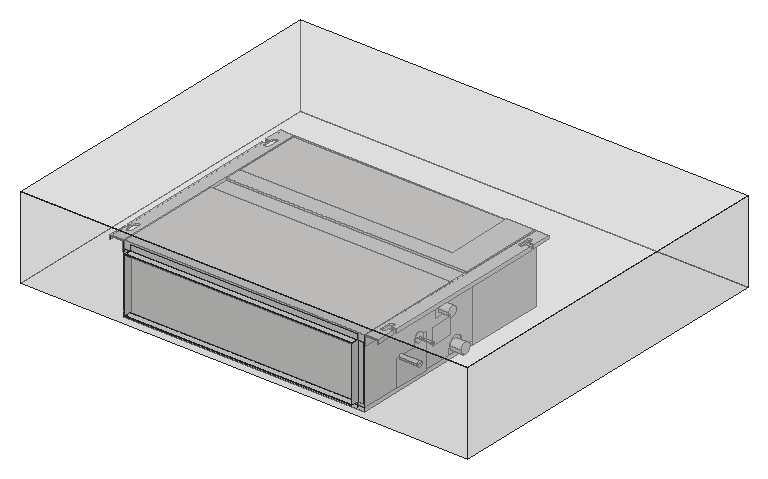
Revit family "outputfile", category 機械設備, Revit 2024
Family settings
  丸型コネクタ寸法 = 半径を使用
  パーツ タイプ = 標準
  OmniClass 番号 = 23.75.10.24.21.27.27
  OmniClass タイトル = Split System Air Conditioning Units
  作業面ベース = いいえ
  常に垂直 = はい
  ロード時にボイドで切り取り = いいえ
  注釈の向きを維持 = いいえ
  共有 = いいえ
  部屋計算ポイント = はい
Parameters (values of type "FXDQ32PDVE4")
  Description = ""
  製造元 = "Daikin"
  書き出し IFC クラス(タイプ) = "IfcUnitaryEquipmentType"
  定義済み IFC タイプ(タイプ) = "AIRCONDITIONINGUNIT"
  Cost = 0
  モデル = "FXDQ32PDVE4"
  Type Comments = ""
  Keynote = ""
  Type Image = (empty or 0)
  Assembly Code = ""
  w_pipe = 33.0 mm
  r_Liquid Pipe Size = Liquid Pipe Size / 2  # 3.2 mm
  r_Gas Pipe Size = Gas Pipe Size / 2  # 6.35 mm
  r_Drain Pipe Size = Drain Pipe Size / 2  # 10.0 mm
  lw_powersupply = 304.0 mm
  lh_suctionflange [instance] = if(Rear Connection_Return Air, 100.0 mm + [h***], 190.0 mm + [h***])  # 100.0 mm
  ld_suctionflange [instance] = if(Rear Connection_Return Air, 190.0 mm, 100.0 mm)  # 190.0 mm
  ld_powersupply = 60.0 mm
  angle_vertical_RA [instance] = if(Rear Connection_Return Air, 90.00°, 0.00°)  # 90.00°
  angle horizontal_RA [instance] = if(Rear Connection_Return Air, 180.00°, 270.00°)  # 180.00°
  Voltage_comment_60Hz = "220"
  Voltage_comment_50Hz = "220-240"
  Voltage_60Hz = 220 V
  Voltage_50Hz = 220 V
  URL = ""
  Supply Air Direction [instance] = yes
  Sound Power Level_H speed (dB) = 54
  Rear Connection_Return Air [instance] = not(Bottom Connection_Return Air)  # yes
  RA_length = 190.0 mm  # constant formula
  Phase_60Hz = 1
  Phase_50Hz = 1
  Minimum External Static Pressure = 10.00 Pa
  Minimum Circuit Amps_60Hz = 0.9 A
  Minimum Circuit Amps_50Hz = 0.8 A
  Maximum Fuse Amps_60Hz = 16.0 A
  Maximum Fuse Amps_50Hz = 16.0 A
  Maximum External Static Pressure = 30.00 Pa
  Material_Casing = DAIKIN_GalvanizedSteel_Casing_indoorunit
  lw_liquidpipe = 46.0 mm  # constant formula
  lw_gaspipe = 57.0 mm  # constant formula
  lw_mountinghole_pitch = 740.0 mm  # constant formula
  lw_mountinghole = 20.0 mm  # constant formula
  lw_drainpipe = 33.0 mm  # constant formula
  lh_powersupply = 10.0 mm
  lh_liquidpipe = 110.0 mm
  lh_gaspipe = 87.0 mm
  lh_mountinghole = Height + [h***]  # 200.0 mm
  lh_drainpipe = 150.0 mm
  lh_dischargeflange = 100.0 mm
  lh_antena = 1.0 mm  # constant formula
  ld_liquidpipe = 193.0 mm  # constant formula
  ld_gaspipe = 130.0 mm  # constant formula
  ld_mountinghole_pitch = 500.0 mm  # constant formula
  ld_drainpipe = 280.0 mm
  ld_controlbox = 626.0 mm  # constant formula
  h*** = 0.0 mm  # constant formula
  d_dischargeflange = 21.2 mm  # constant formula
  Width = 700.0 mm
  Version = "ver.1.0"
  Unit Type = "Slim Duct (Standard) Type"
  Unit Mass Weight = 23.00 kg
  Unit Designation [instance] = ""
  Uniclass2015Version = "Products v1.30"
  Uniclass2015Title = "Variable refrigerant flow units"
  Uniclass2015Code = "Pr_70_65_03_94"
  Total Heating Capacity [instance] = 0.000 kW
  Total Cooling Capacity [instance] = 0.000 kW
  Sound Pressure Level_M speed (dBA) = 0
  Sound Pressure Level_L speed (dBA) = 24
  Sound Pressure Level_H speed (dBA) = 28
  Series = "VRV Fan Coil Unit"
  Sensible Cooling Capacity [instance] = 0.000 kW
  SA Duct Size Width = 660.0 mm
  SA Duct Size Height = 160.0 mm
  Refrigerant Type = "R410A"
  RA Duct Size Width = 600.0 mm
  RA Duct Size Height = 180.0 mm
  Power Input (Heating) = 0.070 kW
  Power Input (Cooling) = 0.089 kW
  Option Accessory 3 [instance] = ""
  Option Accessory 2 [instance] = ""
  Option Accessory 1 [instance] = ""
  Nominal Heating Capacity = 4.000 kW
  Nominal Cooling Capacity = 3.600 kW
  Minimum Airflow = 384.00 m³/h
  Median Airflow = 432.00 m³/h
  Maximum Airflow = 480.00 m³/h
  Load Classification = HVAC
  Liquid Pipe Size = 6.4 mm
  Link_Nested Family [instance] = ""
  IfcVersion = "0"
  IfcExportType = "AIRCONDITIONINGUNIT"
  IfcExportAs = "IfcUnitaryEquipmentType"
  Height = 200.0 mm
  Heating Entering Wet Bulb Temperature [instance] = 0.00 °C
  Heating Entering Dry Bulb Temperature [instance] = 0.00 °C
  Heating Ambient Wet Bulb Temperature [instance] = 0.00 °C
  Heating Ambient Dry Bulb Temperature [instance] = 0.00 °C
  Heat Exchanger Type = "Cross Fin Coil"
  Gas Pipe Size = 12.7 mm
  Frequency_60Hz = 60 Hz
  Frequency_50Hz = 50 Hz
  Fan Type = "Sirocco Fan"
  Fan Drive = "Direct Drive"
  FCU Tag No. [instance] = ""
  Drain Pipe Size = 20.0 mm
  Design Supply Airflow [instance] = 0.00 m³/h
  Design Return Airflow [instance] = 0.00 m³/h
  Design External Static Pressure [instance] = 0.00 Pa
  Depth = 620.0 mm
  既定の高さ = 0.0 mm
  Cooling Entering Wet Bulb Temperature [instance] = 0.00 °C
  Cooling Entering Dry Bulb Temperature [instance] = 0.00 °C
  Cooling Ambient Wet Bulb Temperature [instance] = 0.00 °C
  Cooling Ambient Dry Bulb Temperature [instance] = 0.00 °C
  Clearance visibility [instance] = yes
  Clearance Top = 20.0 mm
  Clearance Right = 300.0 mm
  Clearance Rear = 400.0 mm
  Clearance Left = 300.0 mm
  Clearance Front = 0.0 mm
  Clearance Bottom = 20.0 mm
  Bottom Connection_Return Air [instance] = no
Reference planes
  plane 1 "Center (Front/Back)": y = 0
  plane 2: z = 0
  plane 3 "Center (Left/Right)": x = 0
  plane 4 "Back": y = 310
  plane 5 "Front": y = -310
  plane 6 "Left": x = -350
  plane 7 "Right": x = 350
  plane 8 "Top": z = 0
  plane 9 "Bottom": z = -200
  plane 10: x = 330
  plane 11: x = -330
  plane 12: z = -190
  plane 13: z = -6
  plane 14: z = -22
  plane 15: z = -90
  plane 16: z = -113
  plane 17: x = -304
  plane 18: x = 304
  plane 19: x = -370
  plane 20: x = 370
  plane 21: y = -250
  plane 22: y = 250
  plane 23: x = -390
  plane 24: x = 390
  plane 25: x = 396
  plane 26: x = 407
  plane 27: x = 383
  plane 28: z = 0
  plane 29: z = -50
  plane 30 "Clearance Left": x = -650
  plane 31 "Clearance Right": x = 650
  plane 32 "Clearance Rear": y = 710
  plane 33 "Clearance Front": y = -310
  plane 34 "Clearance Top": z = 20
  plane 35 "Clearance Bottom": z = -220
  plane 36: z = -21
  plane 37: z = -170
  plane 38: z = -96.5
  plane 39: x = -40
  plane 40: y = -180
  plane 41: y = -117
  plane 42: y = -30
  plane 43: y = 20
  plane 44: z = -97.5
  plane 45: y = -309
  plane 46: x = -349
  plane 47: z = -100
  plane 48: z = -30
  plane 49: y = 210
  plane 50: z = 301
  plane 51: z = -199
  plane 52: y = 120
  plane 53: z = -101
Forms (mm)
  Extrusion 1, solid
    sketch origin (0, 0, 0) x (1, 0, 0) y (0, 0, 1)
      loop
        line (-350, -190) -> (-350, -200) -> (350, -200) -> (350, -190) -> (-350, -190)
    from -84 to 310
  Extrusion 2, solid, material "DAIKIN_GalvanizedSteel_Casing_indoorunit" <- "Material_Casing"
    sketch origin (0, 0, 0) x (1, 0, 0) y (0, 1, 0)
      loop
        line (-350, -309) -> (350, -309) -> (350, 310) -> (-350, 310) -> (-350, -309)
    from -200 to 0
  Extrusion 3, void
    sketch origin (0, 0, 1) x (1, 0, 0) y (0, 1, 0)
      loop
        line (-350, 62.179) -> (-350, 4.179) -> (350, 4.179) -> (350, 62.179) -> (-350, 62.179)
    from -1 to -7
  Extrusion 4, void
    sketch origin (0, 0, 0) x (0, 1, 0) y (0, 0, 1)
      loop
        line (-5, -190) -> (45, -190) -> (45, -170)
        arc (45, -170) -> (20, -145) -> (-5, -170) r 25
        line (-5, -170) -> (-5, -190)
    from 350 to 345
  Revolve 5, solid, material "DAIKIN_GalvanizedSteel_Casing_indoorunit" <- "Material_Casing"
    sketch origin (0, 0, -113) x (0, -1, 0) y (1, 0, 0)
      loop
        line (173.65, 351) -> (180, 351) -> (180, 407) -> (173.65, 407) -> (173.65, 351)
      axis (180, 351) -> (180, 407)
    angle from 0 to 360
  Revolve 6, solid, material "DAIKIN_GalvanizedSteel_Casing_indoorunit" <- "Material_Casing"
    sketch origin (0, 0, -90) x (0, -1, 0) y (1, 0, 0)
      loop
        line (117, 351) -> (117, 396) -> (113.8, 396) -> (113.8, 351) -> (117, 351)
      axis (117, 396) -> (117, 351)
    angle from 0 to 360
  Extrusion 7, solid, material "DAIKIN_GalvanizedSteel_Casing_indoorunit" <- "Material_Casing"
    sketch origin (0, 0, 0) x (0, 1, 0) y (0, 0, 1)
      loop
        circle (-116, -90) r 12.7
    from 350 to 355.007
  Extrusion 8, solid, material "DAIKIN_GalvanizedSteel_Casing_indoorunit" <- "Material_Casing"
    sketch origin (0, 0, 0) x (0, 1, 0) y (0, 0, 1)
      loop
        circle (20, -170) r 15
    from 345 to 380
  Extrusion 9, solid, material "DAIKIN_GalvanizedSteel_Casing_indoorunit" <- "Material_Casing"
    sketch origin (0, 0, 0) x (0, 1, 0) y (0, 0, 1)
      loop
        line (-52, -30) -> (-52, -70) -> (-11, -70) -> (-11, -30) -> (-52, -30)
    from 350 to 351
  Extrusion 10, solid, material "DAIKIN_GalvanizedSteel_Casing_indoorunit" <- "Material_Casing"
    sketch origin (0, 0, 0) x (0, 1, 0) y (0, 0, 1)
      loop
        circle (-30, -50.064) r 13
    from 350 to 383
  Extrusion 11, solid, material "DAIKIN_GalvanizedSteel_Casing_indoorunit" <- "Material_Casing"
    sketch origin (0, 0, 0) x (0, 1, 0) y (0, 0, 1)
      loop
        line (-63.609, -90) -> (-63.609, -136) -> (0.391, -136) -> (0.391, -90) -> (-63.609, -90)
    from 350 to 351
  Extrusion 12, solid, material "DAIKIN_GalvanizedSteel_Casing_indoorunit" <- "Material_Casing"
    sketch origin (0, 0, 0) x (1, 0, 0) y (0, 0, 1)
      loop
        line (-350, -190) -> (-350, -200) -> (350, -200) -> (350, -190) -> (-350, -190)
    from -84 to 310
  Extrusion 13, solid, material "DAIKIN_GalvanizedSteel_Casing_indoorunit" <- "Material_Casing", visible <- "Bottom Connection_Return Air"
    sketch origin (0, 0, 0) x (1, 0, 0) y (0, 0, 1)
      loop
        line (269, -199) -> (269, -1) -> (-349, -1) -> (-349, -199) -> (269, -199)
    from -310 to -309
  Extrusion 14, void
    sketch origin (0, 0, 0) x (1, 0, 0) y (0, 0, 1)
      loop
        line (269, 0) -> (-349, 0) -> (-349, -1) -> (269, -1) -> (269, 0)
    from -310 to -111
  Extrusion 15, solid, material "DAIKIN_GalvanizedSteel_Casing_indoorunit" <- "Material_Casing", visible <- "Rear Connection_Return Air"
    sketch origin (0, 0, 0) x (1, 0, 0) y (0, 1, 0)
      loop
        line (-349, 309) -> (-349, 111) -> (269, 111) -> (269, 309) -> (-349, 309)
    from -200 to -199
  Extrusion 16, solid, material "DAIKIN_GalvanizedSteel_Casing_indoorunit" <- "Material_Casing"
    sketch origin (0, 0, 0) x (0, 1, 0) y (0, 0, 1)
      loop
        line (-194, -113) -> (-194, -190) -> (-88.3, -190) -> (-88.3, -90) -> (-103.3, -90)
        arc (-103.3, -90) -> (-116, -102.7) -> (-128.7, -90) r 12.7
        line (-128.7, -90) -> (-128.7, -113) -> (-173.65, -113)
        arc (-173.65, -113) -> (-180, -119.35) -> (-186.35, -113) r 6.35
        line (-186.35, -113) -> (-194, -113)
    from 351 to 350
  Extrusion 17, solid, material "DAIKIN_GalvanizedSteel_Casing_indoorunit" <- "Material_Casing"
    sketch origin (0, 0, 0) x (0, 1, 0) y (0, 0, 1)
      loop
        line (84, -199) -> (310, -199) -> (310, -22) -> (91, -22) -> (84, -29) -> (84, -199)
    from 351 to 350
Cuts and joins
  Extrusion 3, Extrusion 4, Extrusion 14 cuts Extrusion 2
  Extrusion 4 cuts Extrusion 1
  Extrusion 14 cuts Extrusion 12
Dimensions and locks
  "lh_powersupply": plane 12 to plane 9 "Bottom"
  locked: plane 8 "Top" to plane 13 at 6
  "Height": plane 8 "Top" to plane 9 "Bottom"
  equal spacing: plane 17, plane 3 "Center (Left/Right)", plane 18, locked at 304 each
  locked: plane 17 to plane 18 at 608
  equal spacing: plane 19, plane 3 "Center (Left/Right)", plane 20, locked at 370 each
  "lw_mountinghole_pitch": plane 19 to plane 20
  locked: plane 14 to plane 9 "Bottom" at 178
  "lw_mountinghole": plane 23 to plane 19
  "lh_liquidpipe": plane 15 to plane 9 "Bottom"
  "lh_gaspipe": plane 16 to plane 9 "Bottom"
  "lh_mountinghole": plane 28 to plane 9 "Bottom"
  "ld_mountinghole_pitch": plane 22 to plane 21
  equal spacing: plane 6 "Left", plane 3 "Center (Left/Right)", plane 7 "Right", locked at 350 each
  "Width": plane 6 "Left" to plane 7 "Right"
  "lh_drainpipe": plane 29 to plane 9 "Bottom"
  "Clearance Right": plane 7 "Right" to plane 31 "Clearance Right"
  "Clearance Left": plane 30 "Clearance Left" to plane 6 "Left"
  "lw_gaspipe": plane 7 "Right" to plane 26
  "lw_liquidpipe": plane 7 "Right" to plane 25
  "lw_drainpipe": plane 7 "Right" to plane 27
  "Clearance Rear": plane 32 "Clearance Rear" to plane 4 "Back"
  "Clearance Front": plane 5 "Front" to plane 33 "Clearance Front"
  "Clearance Top": plane 34 "Clearance Top" to plane 8 "Top"
  "Clearance Bottom": plane 9 "Bottom" to plane 35 "Clearance Bottom"
  "ld_powersupply": plane 4 "Back" to plane 22
  "lw_powersupply": plane 3 "Center (Left/Right)" to plane 18
  locked: plane 8 "Top" to plane 36 at 21
  locked: plane 8 "Top" to plane 37 at 170
  locked: plane 40 to plane 41 at 63
  locked: plane 38 to plane 9 "Bottom" at 103.5
  locked: plane 36 to plane 44 at 76.5
  "Depth": plane 4 "Back" to plane 5 "Front"
  equal spacing: plane 4 "Back", plane 1 "Center (Front/Back)", plane 5 "Front"
  locked: plane 45 to plane 5 "Front" at 1
  locked: plane 46 to plane 6 "Left" at 1
  Extrusion 13 sketch curve to Extrusion 13 sketch curve = 198.0 mm
  locked: nested 13 to plane 39 at 300
  locked: plane 12 to plane 47 at 90
  plane 32 "Clearance Rear" to Extrusion 13 = 401.0 mm
  locked: plane 48 to plane 35 "Clearance Bottom" at 190
  locked: plane 49 to nested 14 at 90
  plane 50 to plane 28 = 301.0 mm
  locked: plane 51 to plane 9 "Bottom" at 1
  "ld_suctionflange": plane 4 "Back" to plane 52
  locked: plane 53 to plane 9 "Bottom" at 99
  aligned and locked: level to plane 2
  aligned and locked: Extrusion 2 to plane 9 "Bottom"
  aligned and locked: plane 8 "Top" to Extrusion 2
  aligned and locked: Revolve 5 sketch curve to Revolve 5 sketch curve
  aligned and locked: plane 15 to Extrusion 7 sketch curve
  aligned and locked: cut or joined group of Extrusion 1, Extrusion 4 to plane 9 "Bottom"
  aligned and locked: plane 24 to nested 1
  aligned and locked: nested 1 to plane 23
  aligned and locked: plane 27 to Extrusion 10
  aligned and locked: plane 25 to nested 6
  aligned and locked: nested 6 to plane 15
  aligned and locked: nested 2 to plane 22
  aligned and locked: plane 20 to nested 2
  aligned and locked: plane 20 to nested 3
  aligned and locked: plane 19 to nested 4
  aligned and locked: plane 22 to nested 5
  aligned and locked: nested 5 to plane 22
  aligned and locked: plane 19 to nested 5
  aligned and locked: nested 8 to plane 29
  aligned and locked: Extrusion 10 to nested 8
  aligned and locked: plane 27 to nested 8
  aligned and locked: plane 22 to nested 12
  aligned and locked: plane 18 to nested 12  (x2)
  aligned and locked: nested 12 to plane 18
  aligned and locked: plane 4 "Back" to nested 12
  aligned and locked: cut or joined group of Extrusion 2, Extrusion 3, Extrusion 4, Extrusion 14 to nested 12
  aligned and locked: nested 12 to plane 12
  aligned and locked: plane 8 "Top" to nested 1
  aligned and locked: Extrusion 12 to plane 5 "Front"
  aligned and locked: Extrusion 12 to plane 9 "Bottom"
  aligned and locked: nested 7 to plane 16
  aligned and locked: plane 4 "Back" to nested 1
  aligned and locked: nested 9 to plane 45
  aligned and locked: plane 40 to nested 7
  aligned and locked: plane 41 to nested 6
  aligned and locked: plane 42 to nested 8
  aligned and locked: Extrusion 8 sketch curve to plane 43
  aligned and locked: nested 13 to plane 46
  aligned and locked: plane 4 "Back" to Extrusion 14
  aligned and locked: nested 14 to Extrusion 15
  aligned and locked: nested 15 to plane 49
  aligned and locked: plane 8 "Top" to Extrusion 3
  aligned and locked: Extrusion 13 to cut or joined group of Extrusion 2, Extrusion 3, Extrusion 4, Extrusion 14
  aligned and locked: Extrusion 13 to nested 13
  aligned and locked: plane 9 "Bottom" to Extrusion 15  (x2)
  aligned and locked: plane 9 "Bottom" to nested 15
  aligned and locked: Extrusion 15 to plane 51
  aligned and locked: plane 4 "Back" to nested 13
  aligned and locked: Extrusion 14 to level
  aligned and locked: plane 32 "Clearance Rear" to nested 16
  aligned and locked: plane 31 "Clearance Right" to nested 16
  aligned and locked: plane 30 "Clearance Left" to nested 16
  aligned and locked: nested 16 to plane 33 "Clearance Front"
  aligned and locked: nested 16 to plane 34 "Clearance Top"
  aligned and locked: nested 16 to plane 35 "Clearance Bottom"
  aligned and locked: plane 7 "Right" to Extrusion 16
  aligned and locked: plane 4 "Back" to Extrusion 17
  aligned and locked: Extrusion 17 to plane 51
  aligned and locked: plane 7 "Right" to Extrusion 17
  aligned and locked: Extrusion 16 to Revolve 5 sketch curve
  aligned and locked: Extrusion 3 to plane 13
  aligned and locked: plane 52 to nested 17
  aligned and locked: plane 53 to nested 9
  aligned and locked: Extrusion 14 to nested 14
  aligned and locked: nested 11 to plane 36
  aligned and locked: level to plane 8 "Top"
Automatic sketch dimensions
  Extrusion 1 sketch curve to plane 6 "Left" = 0.0 mm
  Extrusion 1 sketch curve to plane 7 "Right" = 0.0 mm
  Extrusion 1 sketch curve to plane 9 "Bottom" = 0.0 mm
  Extrusion 1 sketch curve to plane 12 = 0.0 mm
  Extrusion 2 sketch curve to plane 4 "Back" = 0.0 mm
  Extrusion 2 sketch curve to plane 6 "Left" = 0.0 mm
  Extrusion 2 sketch curve to plane 7 "Right" = 0.0 mm
  Extrusion 2 sketch curve to plane 45 = 0.0 mm
  Extrusion 3 sketch curve to plane 6 "Left" = 0.0 mm
  Extrusion 3 sketch curve to plane 7 "Right" = 0.0 mm
  Extrusion 3 sketch curve to plane 1 "Center (Front/Back)" = 4.179 mm
  plane 43 to Extrusion 3 sketch curve = 42.179 mm
  Extrusion 4 sketch curve to plane 37 = 0.0 mm
  Extrusion 4 sketch curve to plane 12 = 0.0 mm
  Extrusion 4 sketch curve to plane 43 = 0.0 mm
  plane 1 "Center (Front/Back)" to Extrusion 4 sketch curve = 5.0 mm
  Revolve 6 sketch curve to plane 25 = 0.0 mm  (x2)
  Revolve 6 sketch curve to plane 41 = 0.0 mm  (x2)
  plane 41 to Revolve 6 sketch curve = 3.2 mm
  plane 7 "Right" to Revolve 6 sketch curve = 1.0 mm
  Revolve 6 sketch curve to Revolve 6 sketch curve = 0.0 mm
  plane 41 to Extrusion 7 sketch curve = 1.0 mm
  Extrusion 8 sketch curve to plane 37 = 0.0 mm
  Extrusion 9 sketch curve to plane 42 = 22.0 mm
  plane 1 "Center (Front/Back)" to Extrusion 9 sketch curve = 11.0 mm
  plane 15 to Extrusion 9 sketch curve = 20.0 mm
  Extrusion 9 sketch curve to plane 14 = 8.0 mm
  Extrusion 10 sketch curve to plane 42 = 0.0 mm
  Extrusion 10 sketch curve to plane 29 = 0.064 mm
  plane 15 to Extrusion 11 sketch curve = 0.0 mm
  Extrusion 11 sketch curve to plane 42 = 33.609 mm
  Extrusion 11 sketch curve to plane 1 "Center (Front/Back)" = 0.391 mm
  Extrusion 11 sketch curve to plane 16 = 23.0 mm
  Extrusion 12 sketch curve to plane 6 "Left" = 0.0 mm
  Extrusion 12 sketch curve to plane 7 "Right" = 0.0 mm
  Extrusion 12 sketch curve to plane 9 "Bottom" = 0.0 mm
  Extrusion 12 sketch curve to plane 12 = 0.0 mm
  plane 46 to Extrusion 13 sketch curve = 0.0 mm
  Extrusion 13 sketch curve to plane 18 = 35.0 mm
  plane 46 to Extrusion 14 sketch curve = 0.0 mm
  Extrusion 14 sketch curve to plane 18 = 35.0 mm
  Extrusion 14 sketch curve to plane 8 "Top" = 1.0 mm
  Extrusion 15 sketch curve to plane 46 = 0.0 mm
  Extrusion 15 sketch curve to plane 4 "Back" = 1.0 mm
  Extrusion 15 sketch curve to plane 18 = 35.0 mm
  plane 43 to Extrusion 15 sketch curve = 91.0 mm
  plane 35 "Clearance Bottom" to Extrusion 14 sketch curve = 220.0 mm
  Extrusion 13 sketch curve to plane 51 = 0.0 mm
  Extrusion 16 sketch curve to plane 12 = 0.0 mm
  Extrusion 16 sketch curve to plane 16 = 0.0 mm
  Extrusion 16 sketch curve to plane 40 = 0.0 mm
  Extrusion 16 sketch curve to plane 15 = 0.0 mm
  Extrusion 16 sketch curve to Extrusion 16 sketch curve = 6.35 mm
  Extrusion 16 sketch curve to Extrusion 16 sketch curve = 7.65 mm
  Extrusion 16 sketch curve to plane 41 = 11.7 mm
  plane 41 to Extrusion 16 sketch curve = 1.0 mm
  Extrusion 16 sketch curve to Extrusion 16 sketch curve = 27.7 mm
  Extrusion 17 sketch curve to plane 51 = 0.0 mm
  Extrusion 17 sketch curve to plane 14 = 0.0 mm
  plane 48 to Extrusion 17 sketch curve = 1.0 mm
  plane 43 to Extrusion 17 sketch curve = 64.0 mm
  Extrusion 17 sketch curve to Extrusion 17 sketch curve = 7.0 mm
  Extrusion 17 sketch curve to plane 4 "Back" = 0.0 mm
  Revolve 5 sketch curve to plane 26 = 0.0 mm
  Revolve 5 sketch curve to plane 40 = 0.0 mm
  plane 40 to Revolve 5 sketch curve = 6.35 mm
  Revolve 5 sketch curve to Revolve 5 sketch curve = 1.003 mm  (x2)
  radius of Extrusion 7 sketch curve = 12.7 mm
  radius of Extrusion 8 sketch curve = 15.0 mm
  radius of Extrusion 10 sketch curve = 13.0 mm
Nested families
  nested 1: "daikin_hangerfixture_FXDQ-PDVE4" at (0, 0.5, 0), type "daikin_hangerfixture_FXDQ-PDVE4"
  nested 2: "daikin_mountinghole" at (370, 250, -200), l_antenna <- "lh_antena", Link_Nested Family <- "Link_Nested Family", h_mountinghole <- "lh_mountinghole", type "daikin_mountinghole"
    with show yes, l_antenna 1.0 mm, h_mountinghole 200.0 mm, Link_Nested Family ""
  nested 3: "daikin_mountinghole" at (370, -250, -200), Link_Nested Family <- "Link_Nested Family", l_antenna <- "lh_antena", h_mountinghole <- "lh_mountinghole", type "daikin_mountinghole"
    with show yes, l_antenna 1.0 mm, h_mountinghole 200.0 mm, Link_Nested Family ""
  nested 4: "daikin_mountinghole" at (-370, -250, -200), l_antenna <- "lh_antena", Link_Nested Family <- "Link_Nested Family", h_mountinghole <- "lh_mountinghole", type "daikin_mountinghole"
    with show yes, l_antenna 1.0 mm, h_mountinghole 200.0 mm, Link_Nested Family ""
  nested 5: "daikin_mountinghole" at (-370, 250, -200), l_antenna <- "lh_antena", Link_Nested Family <- "Link_Nested Family", h_mountinghole <- "lh_mountinghole", type "daikin_mountinghole"
    with show yes, l_antenna 1.0 mm, h_mountinghole 200.0 mm, Link_Nested Family ""
  nested 6: "daikin_connector_rotate2" at (350, -117, -90) x (0, 1, 0) z (0, 0, 1), length <- "lw_liquidpipe", built-in parameter 1001364 <- "lh_liquidpipe", radius <- "r_Liquid Pipe Size", type "daikin_connector_rotate2"
    with radius 3.2 mm, length 46.0 mm, angle_vertical 90.00°, show_face no
  nested 7: "daikin_connector_rotate2" at (350, -180, -113) x (0, 1, 0) z (0, 0, 1), length <- "lw_gaspipe", built-in parameter 1001364 <- "lh_gaspipe", radius <- "r_Gas Pipe Size", type "daikin_connector_rotate2"
    with radius 6.35 mm, length 57.0 mm, angle_vertical 90.00°, show_face no
  nested 8: "daikin_connector_rotate2" at (350, -30, -50) x (0, 1, 0) z (0, 0, 1), built-in parameter 1001364 <- "lh_drainpipe", length <- "lw_drainpipe", radius <- "r_Drain Pipe Size", type "daikin_connector_rotate2"
    with radius 10.0 mm, length 33.0 mm, angle_vertical 90.00°, show_face no
  nested 9: "daikin_connector_rotate2" at (0, -309, -101), length <- "d_dischargeflange", built-in parameter 1001364 <- "lh_dischargeflange", type "daikin_connector_rotate2"
    with radius 10.0 mm, length 21.2 mm, angle_vertical 90.00°, show_face no
  nested 10: "daikin_△_symbolicline" at (-76.446, -102.452, 200) x (-0.5, 0.866, 0) z (0, 0, 1), built-in parameter 1001364 <- "Height", visible <- "Supply Air Direction", type "daikin_△_symbolicline"
    with length 300.0 mm
  nested 11: "daikin_ductflange_FXDQ-PDVE4_1" at (0, 4.5, -371.201), material <- "Material_Casing", type "daikin_ductflange_FXDQ-PDVE4_1"
    with width 660.0 mm, material DAIKIN_GalvanizedSteel_Casing_indoorunit, height 162.0 mm, depth 21.2 mm
  nested 12: "daikin_connector_rotate2" at (304, 250, -190) x (-1, 0, 0) z (0, 0, 1), built-in parameter 1001364 <- "lh_powersupply", length <- "ld_powersupply", type "daikin_connector_rotate2"
    with radius 10.0 mm, length 60.0 mm, angle_vertical 90.00°, show_face no
  nested 13: "daikin_ductflange_FXDQ-PDVE4_2" at (-40, 310, -100), visible <- "Rear Connection_Return Air", material <- "Material_Casing", type "daikin_ductflange_FXDQ-PDVE4_2"
    with width 620.0 mm, material DAIKIN_GalvanizedSteel_Casing_indoorunit, height 180.0 mm, depth 21.2 mm
  nested 14: "daikin_ductflange_FXDQ-PDVE4_2" at (-40, 210, -200) x (1, 0, 0) z (0, 1, 0), visible <- "Bottom Connection_Return Air", material <- "Material_Casing", type "daikin_ductflange_FXDQ-PDVE4_2"
    with width 620.0 mm, material DAIKIN_GalvanizedSteel_Casing_indoorunit, height 180.0 mm, depth 21.2 mm
  nested 15: "daikin_connector_rotate2" at (-40, 210, -178.8) x (1, 0, 0) z (0, 1, 0), length <- "d_dischargeflange", built-in parameter 1001364 <- "lh_dischargeflange", type "daikin_connector_rotate2"
    with radius 10.0 mm, length 21.2 mm, angle_vertical 90.00°, show_face no
  nested 16: "daikin_clearancespace" at (0, 200, -99.881), visible <- "Clearance visibility", show <- "Clearance visibility", Link_Nested Family <- "Link_Nested Family", type "daikin_clearancespace"
    with width 1300.0 mm, show yes, height 240.0 mm, depth 1020.0 mm, Link_Nested Family ""
  nested 17: "daikin_connector_rotate3" at (-40, 120, -100), built-in parameter 1001364 <- "lh_suctionflange", angle_vertical <- "angle_vertical_RA", angle_horizontal <- "angle horizontal_RA", length <- "RA_length", type "daikin_connector_rotate3"
    with show no, radius 10.0 mm, length 190.0 mm, angle_vertical 90.00°, angle_horizontal 180.00°
Connectors
  piping at (407, -180, -113), diameter 12.7, driven by "r_Gas Pipe Size"
    settings: on nested 7, index 1, connector inside diameter 609.6 mm, connector length 0.0 mm, flow factor 0, pipe flow 0.00 m³/h, pressure drop 0.0 Pa, fitting loss kfactor 0, connector angle 0.00°, fixture units 0, engagement length 0.0 mm, angle of deflection 0.00°, flow configuration 1, flow direction 2, fitting loss method 0, system type 29, joint type 0, gender type 0, connector reference index -1, connector utility 0, adjustable connector no, is connector primary yes, connector description "Refrigerant Gas Piping"
  piping at (396, -117, -90), diameter 6.4, driven by "r_Liquid Pipe Size"
    settings: on nested 6, index 2, connector inside diameter 609.6 mm, connector length 0.0 mm, flow factor 0, pipe flow 0.00 m³/h, pressure drop 0.0 Pa, fitting loss kfactor 0, connector angle 0.00°, fixture units 0, engagement length 0.0 mm, angle of deflection 0.00°, flow configuration 1, flow direction 1, fitting loss method 0, system type 29, joint type 0, gender type 0, connector reference index -1, connector utility 0, adjustable connector no, is connector primary no, connector description "Refrigerant Liquid Piping"
  piping at (383, -30, -50), diameter 20, driven by "r_Drain Pipe Size"
    settings: on nested 8, index 3, connector inside diameter 609.6 mm, connector length 0.0 mm, flow factor 0, pipe flow 0.00 m³/h, pressure drop 0.0 Pa, fitting loss kfactor 0, connector angle 0.00°, fixture units 0, engagement length 0.0 mm, angle of deflection 0.00°, flow configuration 1, flow direction 2, fitting loss method 4, system type 16, joint type 0, gender type 0, connector reference index -1, connector utility 0, adjustable connector no, is connector primary no, connector description "Condensate Drain Piping"
  hvac at (0, -330.2, -101), driven by "SA Duct Size Height", driven by "SA Duct Size Width"
    settings: on nested 9, index 7, duct flow 0.00 m³/h, flow factor 0, pres drop 0.00 Pa, loss coef 0, conn angle 0.00°, conn width 660.0 mm, conn height 160.0 mm, conn diameter 609.6 mm, duct sys type 1, conn prof type 1, flow config 0, flow direction 2, loss method 4, conn ref index -1, conn util no, is conn primary yes, conn desc "SA Duct"
  electrical at (304, 310, -190), driven by "Load Classification"
    settings: on nested 12, index 9, voltage 0 V, apparent load 0 VA, apparent load phase1 0 VA, apparent load phase2 0 VA, apparent load phase3 0 VA, power factor 1, load classification "HVAC", number of poles 1, system type 30, power factor state 1, is connector primary yes, connector utility no, sub classification motor no, connector description "Power Supply"
  hvac at (-40, 310, -100), driven by "RA Duct Size Height", driven by "RA Duct Size Width"
    settings: on nested 17, index 10, duct flow 0.00 m³/h, flow factor 0, pres drop 0.00 Pa, loss coef 0, conn angle 0.00°, conn width 600.0 mm, conn height 180.0 mm, conn diameter 609.6 mm, duct sys type 2, conn prof type 1, flow config 0, flow direction 1, loss method 4, conn ref index -1, conn util no, is conn primary no, conn desc "RA Duct"
Definition of nested family "daikin_hangerfixture_FXDQ-PDVE4"
  Parameters (values of type "daikin_hangerfixture_FXDQ-PDVE")
    width = 48.0 mm
    material = none
    height = 65.0 mm
    depth = 619.0 mm
    Default Elevation = 0.0 mm
  Reference planes
    plane 1 "Center (Front/Back)": y = 0
    plane 2: z = 0
    plane 3 "Center (Left/Right)": x = 0
    plane 4: x = 350
    plane 5: y = 309.5
    plane 6: y = -309.5
  Forms (mm)
    Extrusion 1, solid, material <- "material"
      sketch origin (0, 0, 0) x (1, 0, 0) y (0, 0, 1)
        loop
          line (350, 0) -> (350, -30) -> (352.3, -30) -> (352.3, -2.3) -> (387.7, -2.3) -> (387.7, -10) -> (390, -10) -> (390, 0) -> (350, 0)
      from -309.5 to 309.5
    Extrusion 2, void
      sketch origin (0, 0, 0) x (0, 1, 0) y (0, 0, 1)
        loop
          line (309.5, -30) -> (309.5, -17.979) -> (87.935, -17.979) -> (75.914, -30) -> (309.5, -30)
      from 0 to 618
    Extrusion 3, void
      sketch origin (0, 0, 0) x (1, 0, 0) y (0, 1, 0)
        loop
          line (390, -244) -> (377, -244) -> (377, -237.5)
          arc (377, -237.5) -> (370, -230.5) -> (363, -237.5) r 7
          line (363, -237.5) -> (363, -263.5)
          arc (363, -263.5) -> (370, -270.5) -> (377, -263.5) r 7
          line (377, -263.5) -> (377, -257) -> (390, -257) -> (390, -244)
        loop
          line (390, 243) -> (390, 256) -> (377, 256) -> (377, 262.5)
          arc (377, 262.5) -> (370, 269.5) -> (363, 262.5) r 7
          line (363, 262.5) -> (363, 236.5)
          arc (363, 236.5) -> (370, 229.5) -> (377, 236.5) r 7
          line (377, 236.5) -> (377, 243) -> (390, 243)
      from -254.96 to 618
    Extrusion 4, solid, material <- "material"
      sketch origin (0, 0, 0) x (-1, 0, 0) y (0, 0, -1)
        loop
          line (350, 0) -> (390, 0) -> (390, 10) -> (387.7, 10) -> (387.7, 2.3) -> (352.3, 2.3) -> (352.3, 30) -> (350, 30) -> (350, 0)
      from -309.5 to 309.5
    Extrusion 5, void
      sketch origin (0, 0, 0) x (-1, 0, 0) y (0, -1, 0)
        loop
          line (390, 244) -> (390, 257) -> (377, 257) -> (377, 263.5)
          arc (377, 263.5) -> (370, 270.5) -> (363, 263.5) r 7
          line (363, 263.5) -> (363, 237.5)
          arc (363, 237.5) -> (370, 230.5) -> (377, 237.5) r 7
          line (377, 237.5) -> (377, 244) -> (390, 244)
        loop
          line (390, -243) -> (377, -243) -> (377, -236.5)
          arc (377, -236.5) -> (370, -229.5) -> (363, -236.5) r 7
          line (363, -236.5) -> (363, -262.5)
          arc (363, -262.5) -> (370, -269.5) -> (377, -262.5) r 7
          line (377, -262.5) -> (377, -256) -> (390, -256) -> (390, -243)
      from -254.96 to 618
  Cuts and joins
    Extrusion 2, Extrusion 3, Extrusion 5 cuts Extrusion 1
    Extrusion 5 cuts Extrusion 4
  Dimensions and locks
    locked: plane 4 to plane 3 "Center (Left/Right)" at 350
    equal spacing: plane 5, plane 1 "Center (Front/Back)", plane 6
    "depth": plane 5 to plane 6
    locked: plane 3 "Center (Left/Right)" to plane 4 at 350
    plane 6 to plane 1 "Center (Front/Back)" to plane 5 = 309.5 mm, 309.5 mm
    aligned and locked: level to plane 2
    aligned and locked: plane 5 to Extrusion 1
    aligned and locked: Extrusion 1 to plane 6
    aligned and locked: Extrusion 1 to plane 4
    aligned and locked: plane 5 to cut or joined group of Extrusion 1, Extrusion 2, Extrusion 3, Extrusion 5
    aligned and locked: cut or joined group of Extrusion 1, Extrusion 2, Extrusion 3, Extrusion 5 to plane 6
    aligned and locked: level to cut or joined group of Extrusion 1, Extrusion 2, Extrusion 3, Extrusion 5
    aligned and locked: plane 5 to cut or joined group of Extrusion 4, Extrusion 5
    aligned and locked: cut or joined group of Extrusion 4, Extrusion 5 to plane 6
  Automatic sketch dimensions
    Extrusion 1 sketch curve to plane 4 = 0.0 mm
    Extrusion 1 sketch curve to level = 0.0 mm
    plane 4 to Extrusion 1 sketch curve = 2.3 mm
    Extrusion 1 sketch curve to level = 2.3 mm
    Extrusion 1 sketch curve to Extrusion 1 sketch curve = 35.4 mm
    Extrusion 1 sketch curve to Extrusion 1 sketch curve = 2.3 mm
    Extrusion 1 sketch curve to Extrusion 1 sketch curve = 7.7 mm
    Extrusion 1 sketch curve to Extrusion 1 sketch curve = 27.7 mm
    Extrusion 2 sketch curve to plane 5 = 0.0 mm
    Extrusion 2 sketch curve to level = 17.979 mm
    Extrusion 2 sketch curve to plane 1 "Center (Front/Back)" = 87.935 mm
    Extrusion 2 sketch curve to level = 30.0 mm
    Extrusion 2 sketch curve to Extrusion 2 sketch curve = 12.021 mm
    plane 4 to Extrusion 3 sketch curve = 13.0 mm  (x2)
    Extrusion 3 sketch curve to Extrusion 3 sketch curve = 7.0 mm  (x4)
    Extrusion 3 sketch curve to Extrusion 3 sketch curve = 13.0 mm  (x4)
    plane 6 to Extrusion 3 sketch curve = 46.0 mm
    Extrusion 3 sketch curve to Extrusion 3 sketch curve = 6.5 mm  (x4)
    Extrusion 3 sketch curve to plane 5 = 73.0 mm
    Extrusion 4 sketch curve to level = 0.0 mm
    Extrusion 4 sketch curve to level = 30.0 mm
    Extrusion 4 sketch curve to plane 3 "Center (Left/Right)" = 350.0 mm
    Extrusion 4 sketch curve to Extrusion 4 sketch curve = 2.3 mm  (x2)
    Extrusion 4 sketch curve to level = 2.3 mm
    Extrusion 4 sketch curve to Extrusion 4 sketch curve = 35.4 mm
    Extrusion 4 sketch curve to Extrusion 4 sketch curve = 7.7 mm
    Extrusion 5 sketch curve to plane 5 = 73.0 mm
    Extrusion 5 sketch curve to plane 3 "Center (Left/Right)" = 363.0 mm  (x2)
    plane 6 to Extrusion 5 sketch curve = 72.0 mm
    Extrusion 5 sketch curve to Extrusion 5 sketch curve = 7.0 mm  (x4)
    Extrusion 5 sketch curve to Extrusion 5 sketch curve = 13.0 mm  (x4)
    Extrusion 5 sketch curve to Extrusion 5 sketch curve = 6.5 mm  (x4)
Definition of nested family "daikin_ductflange_FXDQ-PDVE4_1"
  Parameters (values of type "daikin_ductflange_FXDQ-PDVE")
    width [instance] = 660.0 mm
    material [instance] = none
    height [instance] = 162.0 mm
    depth [instance] = 21.2 mm
    Default Elevation = 0.0 mm
  Reference planes
    plane 1 "Center (Front/Back)": y = 0
    plane 2: z = 189.201
    plane 3 "Center (Left/Right)": x = 0
    plane 4: y = -313.5
    plane 5: x = -330
    plane 6: x = 330
    plane 7: y = -334.7
    plane 8: z = 351.201
    plane 9: z = 270.201
    plane 10: z = 350.201
    plane 11: z = 190.201
  Forms (mm)
    Extrusion 1, solid, material <- "material"
      sketch origin (0, 0, 189.201) x (1, 0, 0) y (0, 1, 0)
        loop
          line (-330, -334.7) -> (-330, -313.5) -> (-348, -313.5) -> (-348, -314.5) -> (-331, -314.5) -> (-331, -334.7) -> (-330, -334.7)
        loop
          line (330, -334.7) -> (331, -334.7) -> (331, -314.5) -> (348, -314.5) -> (348, -313.5) -> (330, -313.5) -> (330, -334.7)
      from 1 to 161
    Extrusion 2, solid, material <- "material"
      sketch origin (0, 0, 0) x (0, 1, 0) y (0, 0, 1)
        loop
          line (-313.5, 350.201) -> (-313.5, 365.201) -> (-314.5, 365.201) -> (-314.5, 351.201) -> (-334.7, 351.201) -> (-334.7, 350.201) -> (-313.5, 350.201)
        loop
          line (-313.5, 190.201) -> (-334.7, 190.201) -> (-334.7, 189.201) -> (-314.5, 189.201) -> (-314.5, 175.201) -> (-313.5, 175.201) -> (-313.5, 190.201)
      from -330 to 330
  Dimensions and locks
    plane 4 to plane 1 "Center (Front/Back)" = 313.5 mm
    "depth": plane 7 to plane 4
    equal spacing: plane 8, plane 9, level, locked at 81 each
    "height": plane 8 to level
    equal spacing: plane 6, plane 3 "Center (Left/Right)", plane 5, locked at 330 each
    "width": plane 6 to plane 5
    plane 5 to plane 6 = 660.0 mm
    locked: Extrusion 1 sketch curve to Extrusion 1 sketch curve at 660
    locked: plane 8 to plane 10 at 1
    locked: plane 11 to level at 1
    locked: Extrusion 1 to Extrusion 2 sketch curve at 1
    locked: Extrusion 2 sketch curve to Extrusion 1 at 1
    locked: Extrusion 1 sketch curve to Extrusion 1 sketch curve at 1  (x2)
    aligned and locked: level to plane 2
    aligned and locked: plane 4 to Extrusion 1  (x2)
    aligned and locked: plane 5 to Extrusion 1
    aligned and locked: Extrusion 1 to plane 7  (x2)
    aligned and locked: Extrusion 1 to plane 6
    aligned and locked: Extrusion 1 to plane 10
    aligned and locked: Extrusion 1 to plane 11
    aligned and locked: plane 10 to Extrusion 1
    aligned and locked: plane 11 to Extrusion 1
    aligned and locked: Extrusion 2 to plane 5
    aligned and locked: plane 5 to Extrusion 2
    aligned and locked: plane 6 to Extrusion 2
    aligned and locked: Extrusion 2 to plane 6
    aligned and locked: Extrusion 2 to plane 11
    aligned and locked: Extrusion 2 to plane 10
  Automatic sketch dimensions
    Extrusion 1 sketch curve to plane 4 = 0.0 mm  (x2)
    Extrusion 1 sketch curve to plane 7 = 0.0 mm  (x2)
    Extrusion 1 sketch curve to plane 5 = 0.0 mm
    Extrusion 1 sketch curve to plane 5 = 1.0 mm
    Extrusion 1 sketch curve to Extrusion 1 sketch curve = 17.0 mm  (x2)
    plane 6 to Extrusion 1 sketch curve = 1.0 mm
    Extrusion 2 sketch curve to plane 7 = 0.0 mm  (x2)
    Extrusion 2 sketch curve to plane 4 = 0.0 mm  (x2)
    Extrusion 2 sketch curve to plane 11 = 0.0 mm
    Extrusion 2 sketch curve to plane 10 = 0.0 mm
    Extrusion 2 sketch curve to plane 4 = 1.0 mm  (x2)
    Extrusion 2 sketch curve to level = 14.0 mm
    plane 8 to Extrusion 2 sketch curve = 14.0 mm
Definition of nested family "daikin_ductflange_FXDQ-PDVE4_2"
  Parameters (values of type "daikin_ductflange_FXDQ-PDVE2")
    width [instance] = 620.0 mm
    material [instance] = none
    height [instance] = 180.0 mm
    depth [instance] = 21.2 mm
    Default Elevation = 0.0 mm
  Reference planes
    plane 1 "Center (Front/Back)": y = 0
    plane 2: z = 0
    plane 3 "Center (Left/Right)": x = 0
    plane 4: y = -313.5
    plane 5: y = -334.7
    plane 6: x = -310
    plane 7: x = 310
    plane 8: z = 90
    plane 9: z = -90
    plane 10: z = 100
    plane 11: z = -100
    plane 12: x = -309
    plane 13: x = 309
  Forms (mm)
    Extrusion 1, solid, material <- "material"
      sketch origin (0, 0, 0) x (1, 0, 0) y (0, 0, 1)
        loop
          line (-300, 90) -> (-300, -90) -> (300, -90) -> (300, 90) -> (-300, 90)
        loop
          line (-309, -99) -> (309, -99) -> (309, 99) -> (-309, 99) -> (-309, -99)
      from 0 to 1
  Dimensions and locks
    plane 4 to plane 1 "Center (Front/Back)" = 313.5 mm
    "depth": plane 5 to plane 4
    equal spacing: plane 7, plane 3 "Center (Left/Right)", plane 6, locked at 310 each
    "width": plane 7 to plane 6
    equal spacing: plane 8, level, plane 9, locked at 90 each
    "height": plane 8 to plane 9
    equal spacing: plane 10, level, plane 11, locked at 100 each
    locked: plane 10 to plane 11 at 200
    plane 12 to plane 6 = 1.0 mm
    locked: plane 7 to plane 13 at 1
    locked: Extrusion 1 sketch curve to Extrusion 1 sketch curve at 9  (x4)
    locked: plane 10 to Extrusion 1 sketch curve at 1
    locked: Extrusion 1 sketch curve to plane 11 at 1
    aligned and locked: level to plane 2
  Automatic sketch dimensions
    plane 6 to Extrusion 1 sketch curve = 1.0 mm
    Extrusion 1 sketch curve to plane 7 = 1.0 mm
Definition of nested family "daikin_clearancespace"
  Parameters (values of type "daikin_clearancespace")
    width [instance] = 1823.963 mm
    show [instance] = yes
    material = none
    height [instance] = 1359.762 mm
    depth [instance] = 880.0 mm
    Default Elevation = 0.0 mm
    Link_Nested Family [instance] = ""
  Reference planes
    plane 1 "Center (Front/Back)": y = 0
    plane 2 "Center (Elevation)": z = -0.119
    plane 3 "Center (Left/Right)": x = 0
    plane 4: y = 440
    plane 5: y = -440
    plane 6 "Right": x = 911.982
    plane 7 "Left": x = -911.982
    plane 8 "Top": z = 679.762
    plane 9 "Bottom": z = -680
  Forms (mm)
    Extrusion 1, solid, material <- "material", visible <- "show"
      sketch origin (0, 0, 0) x (1, 0, 0) y (0, 1, 0)
        loop
          line (-911.982, 440) -> (-911.982, -440) -> (911.982, -440) -> (911.982, 440) -> (-911.982, 440)
      from -680 to 679.762
  Lines and regions (mm)
    symbolic lines, visible <- "show"
      curve 1: line (911.982, 440, 0) -> (-911.982, 440, 0)
      curve 2: line (-911.982, 440, 0) -> (-911.982, -440, 0)
      curve 3: line (-911.982, -440, 0) -> (911.982, -440, 0)
      curve 4: line (911.982, -440, 0) -> (911.982, 440, 0)
      curve 5: line (911.982, 0, 679.762) -> (-911.982, 0, 679.762)
      curve 6: line (911.982, 0, -680) -> (911.982, 0, 679.762)
      curve 7: line (-911.982, 0, -680) -> (911.982, 0, -680)
      curve 8: line (-911.982, 0, 679.762) -> (-911.982, 0, -680)
      curve 9: line (0, 440, 679.762) -> (0, -440, 679.762)
      curve 10: line (0, -440, 679.762) -> (0, -440, -680)
      curve 11: line (0, 440, -680) -> (0, 440, 679.762)
      curve 12: line (0, -440, -680) -> (0, 440, -680)
  Dimensions and locks
    "width": plane 7 "Left" to plane 6 "Right"
    "depth": plane 4 to plane 5
    "height": plane 8 "Top" to plane 9 "Bottom"
    equal spacing: plane 7 "Left", plane 3 "Center (Left/Right)", plane 6 "Right"
    equal spacing: plane 4, plane 1 "Center (Front/Back)", plane 5
    equal spacing: plane 8 "Top", plane 2 "Center (Elevation)", plane 9 "Bottom"
    aligned and locked: level to plane 2 "Center (Elevation)"
    aligned and locked: Extrusion 1 sketch curve to plane 4
    aligned and locked: plane 7 "Left" to Extrusion 1 sketch curve
    aligned and locked: Extrusion 1 sketch curve to plane 5
    aligned and locked: Extrusion 1 sketch curve to plane 6 "Right"
    aligned and locked: plane 8 "Top" to Extrusion 1
    aligned and locked: curve 1 to Extrusion 1
    aligned and locked: curve 2 to Extrusion 1
    aligned and locked: curve 3 to Extrusion 1
    aligned and locked: curve 4 to Extrusion 1
    aligned and locked: curve 5 to Extrusion 1
    aligned and locked: curve 6 to Extrusion 1
    aligned and locked: curve 7 to Extrusion 1
    aligned and locked: curve 8 to Extrusion 1
    aligned and locked: curve 9 to Extrusion 1
    aligned and locked: curve 10 to Extrusion 1
    aligned and locked: curve 11 to Extrusion 1
    aligned and locked: curve 12 to Extrusion 1
    aligned and locked: Extrusion 1 to plane 9 "Bottom"
Definition of nested family "daikin_mountinghole"
  Parameters (values of type "daikin_mountinghole")
    Default Elevation = 1219.2 mm
    Type Comments = "mountinghole"
    show [instance] = yes
    material = none
    l_centerline = 100.0 mm
    l_antenna [instance] = 100.0 mm
    h_mountinghole [instance] = 0.0 mm
    d_circle = 30.0 mm
    Link_Nested Family [instance] = ""
  Reference planes
    plane 1 "Center (Front/Back)": y = 0
    plane 2: z = 0
    plane 3 "Center (Left/Right)": x = 0
    plane 4: y = 50
    plane 5: x = -50
    plane 6: x = 50
    plane 7: y = -50
    plane 8 "h_mountinghole": z = 0
    plane 9: z = 100
  Lines and regions (mm)
    model lines, detail levels fine
      curve 1: circle (0, 0, 0) r 15 normal (0, 0, 1)
      curve 2: line (-50, 0, 0) -> (50, 0, 0)
      curve 3: line (0, 50, 0) -> (0, -50, 0)
    symbolic lines, detail levels fine
      curve 4: circle (0, 0, 0) r 15 normal (0, 0, 1)
      curve 5: line (-50, 0, 0) -> (50, 0, 0)
      curve 6: line (0, 50, 0) -> (0, -50, 0)
    model lines
      curve 7: line (0, 0, 100) -> (0, 0, 0)
  Dimensions and locks
    equal spacing: plane 4, plane 1 "Center (Front/Back)", plane 7
    "l_centerline": plane 4 to plane 7
    equal spacing: plane 5, plane 3 "Center (Left/Right)", plane 6
    "l_centerline": plane 5 to plane 6
    "l_antenna": plane 9 to plane 8 "h_mountinghole"
    "h_mountinghole": plane 8 "h_mountinghole" to plane 2
    "d_circle": diameter of curve 1
    "d_circle": diameter of curve 4
    aligned and locked: level to plane 2
    aligned and locked: plane 1 "Center (Front/Back)" to curve 1
    aligned and locked: plane 3 "Center (Left/Right)" to curve 1
    aligned and locked: plane 1 "Center (Front/Back)" to curve 2
    aligned and locked: curve 3 to plane 3 "Center (Left/Right)"
    aligned and locked: plane 6 to curve 2
    aligned and locked: plane 5 to curve 2
    aligned and locked: plane 4 to curve 3
    aligned and locked: plane 7 to curve 3
    aligned and locked: plane 1 "Center (Front/Back)" to curve 4
    aligned and locked: plane 3 "Center (Left/Right)" to curve 4
    aligned and locked: plane 6 to curve 5
    aligned and locked: plane 5 to curve 5
    aligned and locked: plane 1 "Center (Front/Back)" to curve 5
    aligned and locked: plane 4 to curve 6
    aligned and locked: plane 7 to curve 6
    aligned and locked: curve 6 to plane 3 "Center (Left/Right)"
    aligned and locked: curve 7 to plane 3 "Center (Left/Right)"
    aligned and locked: plane 9 to curve 7
    aligned and locked: plane 8 "h_mountinghole" to curve 7
Definition of nested family "daikin_connector_rotate2"
  Parameters (values of type "daikin_connector_rotate2")
    show_face = yes
    radius [instance] = 10.0 mm
    length [instance] = 600.0 mm
    d_surface = 10.0 mm
    angle_vertical [instance] = 90.00°
    Default Elevation = 0.0 mm
  Reference planes
    plane 1 "Center (Front/Back)": y = 0
    plane 2: z = 0
    plane 3 "Center (Left/Right)": x = 0
  Forms (mm)
    Extrusion 1, solid, visible <- "show_face"
      sketch origin (0, -600, 0) x (1, 0, 0) y (0, 0, 1)
        loop
          circle (0, 0) r 10
      from 0 to -10
  Lines and regions (mm)
    reference lines
      curve 1: line (0, 0, 0) -> (0, -600, 0)
    symbolic lines
      curve 2: circle (0, 0, 0) r 5 normal (0, 0, 1)
    model lines, visible <- "show_face"
      curve 3: line (0, 0, 0) -> (0, -600, 0)
  Dimensions and locks
    "length": curve 1 to curve 1
    "length": curve 3 to curve 3
    "d_surface": Extrusion 1 to Extrusion 1
    "radius": radius of Extrusion 1 sketch curve
    "angle_vertical": angle curve 1 to plane 1 "Center (Front/Back)"
    "angle_vertical": angle curve 3 to plane 1 "Center (Front/Back)"
    aligned and locked: level to plane 2
    aligned and locked: plane 1 "Center (Front/Back)" to curve 1
    aligned and locked: plane 2 to curve 1
    aligned and locked: plane 1 "Center (Front/Back)" to curve 2
    aligned and locked: plane 3 "Center (Left/Right)" to curve 2
    aligned and locked: plane 1 "Center (Front/Back)" to curve 3
    aligned and locked: plane 2 to curve 3
    aligned and locked: Extrusion 1 to Extrusion 1
  Automatic sketch dimensions
    Extrusion 1 sketch curve to level = 0.0 mm
    Extrusion 1 sketch curve to plane 3 "Center (Left/Right)" = 0.0 mm
    radius of curve 2 = 5.0 mm
Definition of nested family "daikin_△_symbolicline"
  Parameters (values of type "daikin_△_symbolicline")
    length [instance] = 500.0 mm
    Default Elevation = 0.0 mm
  Reference planes
    plane 1 "Center (Front/Back)": y = 0
    plane 2: z = 0
    plane 3 "Center (Left/Right)": x = 0
  Lines and regions (mm)
    symbolic lines
      curve 1: line (0, -433.013, 0) -> (250, 0, 0)
      curve 2: line (250, 0, 0) -> (-250, 0, 0)
      curve 3: line (-250, 0, 0) -> (0, -433.013, 0)
  Dimensions and locks
    equal spacing: curve 3, plane 3 "Center (Left/Right)", curve 2
    "length": curve 3 to curve 2
    "length": curve 3 to curve 3
    "length": curve 1 to curve 1
    aligned and locked: level to plane 2
    aligned and locked: curve 2 to plane 1 "Center (Front/Back)"
    aligned and locked: plane 3 "Center (Left/Right)" to curve 3
Definition of nested family "daikin_connector_rotate3"
  Parameters (values of type "daikin_connector_rotate3")
    Default Elevation = 1219.2 mm
    show [instance] = yes
    radius [instance] = 10.0 mm
    length [instance] = 600.0 mm
    angle_horizontal [instance] = 60.00°
    angle_vertical [instance] = 90.00°
  Reference planes
    plane 1 "Center (Front/Back)": y = 0
    plane 2: z = 0
    plane 3 "Center (Left/Right)": x = 0
  Dimensions and locks
    "angle_horizontal": angle plane 3 "Center (Left/Right)" to nested 1
    aligned and locked: level to plane 2
    aligned and locked: plane 1 "Center (Front/Back)" to nested 1  (x2)
    aligned and locked: plane 3 "Center (Left/Right)" to nested 1
  Nested families
    nested 1: "daikin_connector_rotate2" at (0, 0, 0) x (0.5, 0.866, 0) z (0, 0, 1), angle_vertical <- "angle_vertical", length <- "length", radius <- "radius", type "daikin_connector_rotate2"
      with radius 10.0 mm, length 600.0 mm, angle_vertical 90.00°
  Definition of nested family "daikin_connector_rotate2"
    Parameters (values of type "daikin_connector_rotate2")
      show_face = yes
      radius [instance] = 10.0 mm
      length [instance] = 600.0 mm
      d_surface = 10.0 mm
      angle_vertical [instance] = 90.00°
      Default Elevation = 0.0 mm
    Reference planes
      plane 1 "Center (Front/Back)": y = 0
      plane 2: z = 0
      plane 3 "Center (Left/Right)": x = 0
    Forms (mm)
      Extrusion 1, solid, visible <- "show_face"
        sketch origin (0, -600, 0) x (1, 0, 0) y (0, 0, 1)
          loop
            circle (0, 0) r 10
        from 0 to -10
    Lines and regions (mm)
      reference lines
        curve 1: line (0, 0, 0) -> (0, -600, 0)
      symbolic lines
        curve 2: circle (0, 0, 0) r 5 normal (0, 0, 1)
      model lines, visible <- "show_face"
        curve 3: line (0, 0, 0) -> (0, -600, 0)
    Dimensions and locks
      "length": curve 1 to curve 1
      "length": curve 3 to curve 3
      "d_surface": Extrusion 1 to Extrusion 1
      "radius": radius of Extrusion 1 sketch curve
      "angle_vertical": angle curve 1 to plane 1 "Center (Front/Back)"
      "angle_vertical": angle curve 3 to plane 1 "Center (Front/Back)"
      aligned and locked: level to plane 2
      aligned and locked: plane 1 "Center (Front/Back)" to curve 1
      aligned and locked: plane 2 to curve 1
      aligned and locked: plane 1 "Center (Front/Back)" to curve 2
      aligned and locked: plane 3 "Center (Left/Right)" to curve 2
      aligned and locked: plane 1 "Center (Front/Back)" to curve 3
      aligned and locked: plane 2 to curve 3
      aligned and locked: Extrusion 1 to Extrusion 1
    Automatic sketch dimensions
      Extrusion 1 sketch curve to level = 0.0 mm
      Extrusion 1 sketch curve to plane 3 "Center (Left/Right)" = 0.0 mm
      radius of curve 2 = 5.0 mm
